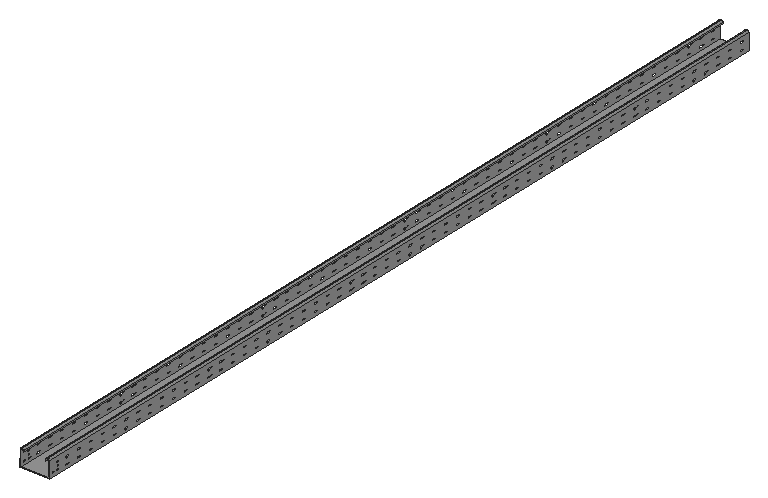
Revit family "Kabelrinne_rksm_A2_610_615_620_630_640_650_660", category Generic Models, Revit 2017 (continued)
Dimensions and locks
  locked: cut or joined group 1 (Extrusion 1, Extrusion 5, Extrusion 8, Extrusion 10, Extrusion 11, Extrusion 13, Extrusion 14, Extrusion 15, Extrusion 16, Extrusion 17, Extrusion 18, Extrusion 19, Extrusion 20, Extrusion 21, Extrusion 22, Extrusion 23, Extrusion 24, Extrusion 25, Extrusion 26, Extrusion 27, Extrusion 28, Extrusion 29, Extrusion 30, Extrusion 31, Extrusion 32, Extrusion 33, Extrusion 34, Extrusion 35, Extrusion 36, Extrusion 37, Extrusion 38, Extrusion 39, Extrusion 40, Extrusion 41, Extrusion 42, Extrusion 43, Extrusion 44, Extrusion 45, Extrusion 46, Extrusion 47, Extrusion 48, Extrusion 49, Extrusion 50, Extrusion 51, Extrusion 52, Extrusion 53, Extrusion 54, Extrusion 55, Extrusion 56, Extrusion 57, Extrusion 58, Extrusion 59, Extrusion 60, Extrusion 61, Extrusion 62, Extrusion 63, Extrusion 64, Extrusion 65, Extrusion 66, Extrusion 67, Extrusion 68, Extrusion 69, Extrusion 70, Extrusion 71, Extrusion 72, Extrusion 73, Extrusion 74, Extrusion 75, Extrusion 76, Extrusion 77, Extrusion 78, Extrusion 79, Extrusion 80, Extrusion 81, Extrusion 82, Extrusion 83, Extrusion 84, Extrusion 85, Extrusion 86, Extrusion 87, Extrusion 88, Extrusion 89, Extrusion 90, Extrusion 91, Extrusion 92, Extrusion 93, Extrusion 94, Extrusion 95, Extrusion 96, Extrusion 97, Extrusion 98, Extrusion 99, Extrusion 100, Extrusion 101, Extrusion 102, Extrusion 103, Extrusion 104, Extrusion 105, Extrusion 106, Extrusion 107, Extrusion 108, Extrusion 109, Extrusion 110, Extrusion 111, Extrusion 112, Extrusion 113, Extrusion 114, Extrusion 115, Extrusion 116, Extrusion 117, Extrusion 118, Extrusion 119, Extrusion 120, Extrusion 121, Extrusion 122, Extrusion 123, Extrusion 124, Extrusion 125, Extrusion 126, Extrusion 127, Extrusion 128, Extrusion 129, Extrusion 130, Extrusion 131, Extrusion 132, Extrusion 133, Extrusion 134, Extrusion 135, Extrusion 136, Extrusion 137, Extrusion 138, Extrusion 139, Extrusion 140, Extrusion 141, Extrusion 142, Extrusion 143, Extrusion 144, Extrusion 145, Extrusion 146, Extrusion 147, Extrusion 148, Extrusion 149, Extrusion 150, Extrusion 151, Extrusion 152, Extrusion 153, Extrusion 154, Extrusion 155, Extrusion 156, Extrusion 157, Extrusion 158, Extrusion 159, Extrusion 160, Extrusion 161, Extrusion 162, Extrusion 163, Extrusion 164, Extrusion 165, Extrusion 166, Extrusion 167, Extrusion 168, Extrusion 169, Extrusion 170, Extrusion 171, Extrusion 172, Extrusion 173, Extrusion 174, Extrusion 175, Extrusion 176, Extrusion 177, Extrusion 178, Extrusion 179, Extrusion 180, Extrusion 181, Extrusion 182, Extrusion 183, Extrusion 184, Extrusion 185, Extrusion 186, Extrusion 187, Extrusion 188, Extrusion 189, Extrusion 190, Extrusion 191, Extrusion 192, Extrusion 193, Extrusion 194, Extrusion 195, Extrusion 196, Extrusion 197, Extrusion 198, Extrusion 199, Extrusion 200, Extrusion 201, Extrusion 202, Extrusion 203, Extrusion 204, Extrusion 205, Extrusion 206, Extrusion 207, Extrusion 208, Extrusion 209, Extrusion 210, Extrusion 211, Extrusion 212, Extrusion 213, Extrusion 214, Extrusion 215, Extrusion 216, Extrusion 217, Extrusion 218, Extrusion 219, Extrusion 220, Extrusion 221, Extrusion 222, Extrusion 223, Extrusion 224, Extrusion 225, Extrusion 226, Extrusion 227, Extrusion 228, Extrusion 229, Extrusion 230, Extrusion 231, Extrusion 232, Extrusion 233, Extrusion 234, Extrusion 235, Extrusion 236, Extrusion 237, Extrusion 238, Extrusion 239, Extrusion 240, Extrusion 241, Extrusion 242, Extrusion 243, Extrusion 244, Extrusion 245, Extrusion 246, Extrusion 247, Extrusion 248, Extrusion 249, Extrusion 250, Extrusion 251, Extrusion 252, Extrusion 253, Extrusion 254, Extrusion 255, Extrusion 256, Extrusion 257, Extrusion 258, Extrusion 259, Extrusion 260, Extrusion 261, Extrusion 262, Extrusion 263, Extrusion 264, Extrusion 265, Extrusion 266, Extrusion 267, Extrusion 268, Extrusion 269, Extrusion 270, Extrusion 271, Extrusion 272, Extrusion 273, Extrusion 274, Extrusion 275, Extrusion 276, Extrusion 277) to Extrusion 275 sketch curve at 34
  locked: Extrusion 275 sketch curve to Extrusion 275 sketch curve at 7
  locked: Extrusion 275 sketch curve to cut or joined group 1 at 28
  locked: Extrusion 275 sketch curve to cut or joined group 1 at 43
  locked: plane 22 to plane 21 at 1
  locked: cut or joined group 1 to cut or joined group 1 at 18
  locked: Extrusion 276 sketch curve to Extrusion 276 sketch curve at 8  (x2)
  locked: cut or joined group 1 to Extrusion 276 sketch curve at 21
  locked: cut or joined group 1 to Extrusion 276 sketch curve at 31.512
  locked: cut or joined group 1 to cut or joined group 1 at 5  (x2)
  locked: plane 23 to plane 24 at 1
  locked: Extrusion 277 sketch curve to Extrusion 277 sketch curve at 8
  locked: Extrusion 277 sketch curve to cut or joined group 1 at 31.5
  locked: cut or joined group 1 to Extrusion 277 sketch curve at 21
  locked: cut or joined group 1 to Extrusion 277 sketch curve at 8
  locked: plane 26 to plane 25 at 1
  radius of Extrusion 1 sketch curve = 6 mm  (x2)
  radius of Extrusion 241 sketch curve = 5.5 mm
  radius of Extrusion 242 sketch curve = 5.5 mm
  radius of Extrusion 243 sketch curve = 5.5 mm
  radius of Extrusion 244 sketch curve = 5.5 mm
  radius of Extrusion 245 sketch curve = 5.5 mm
  radius of Extrusion 246 sketch curve = 5.5 mm
  radius of Extrusion 247 sketch curve = 5.5 mm
  radius of Extrusion 248 sketch curve = 5.5 mm
  radius of Extrusion 249 sketch curve = 5.5 mm
  radius of Extrusion 250 sketch curve = 5.5 mm
  radius of Extrusion 251 sketch curve = 5.5 mm
  radius of Extrusion 252 sketch curve = 5.5 mm
  radius of Extrusion 253 sketch curve = 5.5 mm
  radius of Extrusion 254 sketch curve = 5.5 mm
  radius of Extrusion 255 sketch curve = 5.5 mm
  radius of Extrusion 256 sketch curve = 5.5 mm
  radius of Extrusion 257 sketch curve = 5.5 mm
  radius of Extrusion 258 sketch curve = 5.5 mm
  radius of Extrusion 259 sketch curve = 5.5 mm
  radius of Extrusion 260 sketch curve = 5.5 mm
  radius of Extrusion 261 sketch curve = 5.5 mm
  radius of Extrusion 262 sketch curve = 5.5 mm
  radius of Extrusion 263 sketch curve = 5.5 mm
  radius of Extrusion 264 sketch curve = 5.5 mm
  radius of Extrusion 265 sketch curve = 5.5 mm
  radius of Extrusion 266 sketch curve = 5.5 mm
  radius of Extrusion 267 sketch curve = 5.5 mm
  radius of Extrusion 268 sketch curve = 5.5 mm
  radius of Extrusion 269 sketch curve = 5.5 mm
  diameter of cut or joined group 1 = 11 mm  (x2)
  aligned and locked: level to plane 2
  aligned and locked: Extrusion 1 sketch curve to level
  aligned and locked: plane 5 to Extrusion 1 sketch curve  (x2)
  aligned and locked: Extrusion 1 to plane 10
  aligned and locked: Extrusion 1 to Extrusion 5  (x2)
  aligned and locked: Extrusion 5 sketch curve to Extrusion 5 sketch curve
  aligned and locked: Extrusion 8 sketch curve to Extrusion 8 sketch curve
  aligned and locked: Extrusion 9 sketch curve to Extrusion 9 sketch curve
  aligned and locked: Extrusion 1 to Extrusion 10  (x2)
